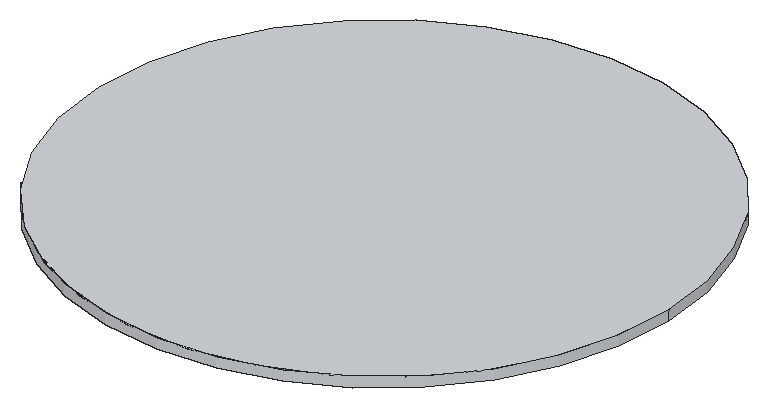
Revit family "CITY", category Lighting Fixtures, host Face, Revit 2023 (continued)
Types (10, lengths in mm): name | Radio | Photometric Web File | built-in parameter 1150142 | Manufacturer | LuxLight_Watios | LuxLight_Temperatura | LuxLight_Lumenes
  LISUP2084 | 1042 | "LISUP208401 .ies" | "IESNA:LM-63-2002\r\n[TEST] Viso  - serial: n/a sensor serial: n/a\r\n[TESTLAB] Viso  - serial: n/a sensor serial: n/a - Test lab\r\n[MANUFAC] LUX LIGHT\r\n[ISSUEDATE] 12/9/2025\r\n[LUMINAIRE] CITY ROUND 4000K 20W Ø220x55mm\r\n[LUMCAT] N/A\r\nTILT=NONE\r\n1 1600 1 181 17 1 2 -0.215 -0.215 0\r\n1.0 1.0 20.00\r\n0 1 2 3 4 5 6 7 8 9 10 11 12 13 14 15 16 17 18 19 20 21 22 23 24 25 26 27 28 29 30 31 32 33 34 35 36 37 38 39 40 41 42 43 44 45 46 47 48 49 50 51 52 53 54 55 56 57 58 59 60 61 62 63 64 65 66 67 68 69 70 71 72 73 74 75 76 77 78 79 80\r\n 81 82 83 84 85 86 87 88 89 90 91 92 93 94 95 96 97 98 99 100 101 102 103 104 105 106 107 108 109 110 111 112 113 114 115 116 117 118 119 120 121 122 123 124 125 126 127 128 129 130 131 132 133 134 135 136 137 138 139 140 141 142 143\r\n 144 145 146 147 148 149 150 151 152 153 154 155 156 157 158 159 160 161 162 163 164 165 166 167 168 169 170 171 172 173 174 175 176 177 178 179 180\r\n0 22.5 45 67.5 90 112.5 135 157.5 180 202.5 225 247.5 270 292.5 315 337.5 360 \r\n581.682983 580.476807 580.028809 579.372742 578.572632 577.692566 576.332336 575.036255 573.084045 571.29187 569.355652 567.0354 564.523132 562.07489 559.098572 556.154297 552.713928 549.385559 545.929199 541.848755 537.992371 533.895935\r\n 529.367493 524.870972 520.022522 515.366028 510.341461 504.884888 499.60434 494.019745 488.115143 482.242523 475.905853 469.921234 463.680573 456.911896 450.191193 443.646484 436.077698 428.924957 421.324158 413.867371 406.522614\r\n 398.233704 390.216888 382.440063 373.847198 365.526306 356.709381 348.05246 339.571594 329.922577 321.329651 311.376617 302.703705 293.358734 283.549683 274.476746 264.779755 254.154633 244.777649 234.504562 224.599533 214.598495\r\n 204.197388 193.972321 184.307312 173.634186 163.777161 152.527969 142.574936 132.013824 120.940674 110.23555 99.898468 88.153236 77.928162 66.230942 56.101879 46.292847 35.315701 26.162741 17.393822 9.649011 5.24855 3.712389 2.752289\r\n 2.00021 1.520159 1.296136 1.216127 1.136119 1.152121 1.184124 1.248131 1.296136 1.328139 1.376144 1.440151 1.536161 1.472154 1.552163 1.632171 1.648173 1.760184 1.872196 1.936203 2.032213 2.176228 2.272238 2.336245 2.368248 2.432255\r\n 2.448256 2.496262 2.528265 2.656278 2.624275 2.704283 2.816295 2.848299 2.912305 2.976312 2.992314 3.05632 3.15233 3.15233 3.24834 3.312347 3.328349 3.376354 3.424359 3.472364 3.584376 3.63238 3.664384 3.72839 3.792397 3.824401 3.904409\r\n 3.968416 4.032423 4.128432 4.144434 4.208441 4.240444 4.320453 4.304451 4.384459 4.384459 4.448466 4.432465 4.512473 4.544477 4.624485 4.67249 4.720494 4.608483 4.640486 4.624485 4.67249 4.688491 4.752498 4.752498 4.800503 4.832506\r\n 4.848508 4.86451 4.944518 4.96052 5.008525 5.008525 5.024527 5.008525 5.05653 5.024527 5.05653 5.008525 5.05653 5.024527 5.128537\r\n581.682983 580.812866 580.348816 579.644714 578.812683 577.676575 576.332336 574.860229 573.036072 571.147827 569.147644 566.651367 564.187073 561.674866 558.474548 555.434143 551.897827 548.297424 544.825073 540.728638 536.72821 532.599792\r\n 527.943298 523.334839 518.27832 513.525818 508.485291 502.900696 497.396118 492.035553 485.938904 480.066284 473.393585 467.344971 461.152313 453.999573 447.230835 440.686188 432.893341 425.868622 418.171814 410.603027 403.162231\r\n 394.297333 386.520508 378.391632 369.702728 361.6539 352.276886 343.556 335.107117 325.314087 316.737183 306.688141 297.743195 288.846283 278.477173 269.356232 259.65918 249.370117 239.913132 229.160019 219.60701 209.557953 199.092865\r\n 188.851791 179.122772 167.873596 158.000549 147.183426 136.926346 126.573257 115.580109 105.563065 95.033958 84.024803 73.415688 62.582558 52.837536 42.868488 32.755432 23.634476 15.489623 7.856823 4.608483 3.264342 2.400252 1.696178\r\n 1.312137 1.184124 1.152121 1.104116 1.152121 1.152121 1.280134 1.248131 1.312137 1.376144 1.392146 1.440151 1.520159 1.568164 1.616169 1.648173 1.744183 1.936203 2.00021 2.09622 2.176228 2.240235 2.272238 2.240235 2.240235 2.400252\r\n 2.608273 2.608273 2.736287 2.736287 2.832297 2.896303 2.912305 3.024317 3.072322 3.168332 3.232339 3.264342 3.328349 3.376354 3.472364 3.504367 3.584376 3.584376 3.664384 3.744392 3.776396 3.808399 3.936413 3.984417 4.064426 4.048424\r\n 4.128432 4.176438 4.192439 4.240444 4.304451 4.352456 4.384459 4.448466 4.464468 4.560478 4.560478 4.592481 4.624485 4.67249 4.688491 4.720494 4.800503 4.848508 4.848508 4.912515 4.880511 4.928516 4.992523 4.96052 5.008525 5.05653\r\n 4.992523 4.96052 4.96052 5.05653 5.104535 5.120536 5.088533 5.184543 5.184543 5.184543 5.168542 5.184543 5.232548 5.264552 5.128537\r\n581.682983 581.356934 580.892822 580.140808 579.180664 577.964539 576.58844 574.972229 573.260071 571.259888 569.179626 566.635376 564.203125 561.49884 558.37854 555.066162 551.497803 548.089417 544.537048 540.136597 536.24823 531.991699\r\n 527.255249 522.566772 517.542175 512.389709 507.55719 501.956573 496.355988 490.691437 484.51474 478.386108 471.921448 465.584778 459.26413 451.999359 445.422668 438.445923 430.973175 423.564362 415.675537 408.346771 400.537964 391.929077\r\n 384.312256 375.959412 366.838409 358.581573 349.188599 340.771698 332.25882 322.321777 313.584869 303.551788 294.526855 285.117889 275.1008 265.355804 256.074829 245.721741 235.880722 225.479614 215.318558 205.701538 194.612381 184.851364\r\n 174.578293 163.825165 153.792114 142.542938 132.205856 122.332817 111.451683 101.114594 91.081543 79.720352 69.911324 59.238205 49.221157 39.892181 29.683111 21.218224 13.345398 7.104744 4.304451 3.05632 2.176228 1.632171 1.312137\r\n 1.184124 1.200126 1.184124 1.216127 1.280134 1.312137 1.360142 1.392146 1.424149 1.520159 1.648173 1.568164 1.648173 1.760184 1.856194 2.00021 2.112221 2.19223 2.19223 2.272238 2.352247 2.416253 2.512263 2.496262 2.448256 2.448256\r\n 2.512263 2.57627 2.608273 2.624275 2.688282 2.752289 2.848299 2.912305 2.928307 3.05632 3.072322 3.168332 3.168332 3.296345 3.328349 3.24834 3.344351 3.392355 3.504367 3.648382 3.792397 3.856404 3.888407 3.984417 4.048424 4.048424\r\n 4.096429 4.144434 4.240444 4.288449 4.352456 4.448466 4.464468 4.512473 4.544477 4.560478 4.608483 4.640486 4.67249 4.720494 4.752498 4.720494 4.720494 4.720494 4.800503 4.848508 5.008525 4.992523 5.024527 5.104535 5.15254 5.15254\r\n 5.15254 5.15254 5.15254 5.120536 5.120536 5.120536 5.120536 5.15254 5.120536 5.15254 5.168542 5.184543 5.168542 5.128537\r\n581.682983 581.677002 581.276917 580.524841 579.548706 578.412598 576.892395 575.468323 573.580139 571.691895 569.499695 566.971375 564.411133 561.706848 558.522522 555.258179 551.785828 548.137451 544.489075 540.392639 536.360229\r\n 532.295776 527.431213 522.630737 517.302185 512.565735 507.365173 501.556549 495.891968 490.467377 483.970734 478.146118 471.265381 465.120728 458.704071 451.759338 444.654602 437.693878 430.061066 423.020325 414.779449 407.306671\r\n 399.865906 390.792969 382.984131 374.727264 365.878326 357.301453 348.164459 339.267548 330.610626 320.689606 311.872681 301.711609 292.702667 283.661713 273.436646 263.147552 253.626587 243.06546 232.968414 222.375305 212.054214\r\n 202.101181 190.643967 180.674942 170.577866 158.976669 148.911591 137.758438 127.309334 116.796234 105.963104 96.234085 86.073021 75.527908 65.654884 55.557819 46.50087 37.235901 27.826916 19.602055 11.969254 5.488575 3.808399 2.752289\r\n 2.016211 1.520159 1.312137 1.280134 1.312137 1.328139 1.328139 1.328139 1.424149 1.440151 1.536161 1.600168 1.632171 1.680176 1.760184 1.808189 1.936203 2.112221 2.112221 2.19223 2.208231 2.400252 2.368248 2.448256 2.448256 2.512263\r\n 2.528265 2.624275 2.67228 2.688282 2.736287 2.656278 2.752289 2.76829 2.848299 2.928307 2.992314 3.072322 3.120327 3.184334 3.232339 3.296345 3.328349 3.424359 3.456362 3.504367 3.616379 3.63238 3.744392 3.808399 3.888407 3.968416\r\n 4.096429 4.128432 4.288449 4.352456 4.464468 4.544477 4.608483 4.640486 4.624485 4.67249 4.704493 4.784501 4.832506 4.86451 4.880511 4.912515 4.928516 4.992523 4.992523 5.008525 5.088533 5.120536 5.15254 5.168542 5.168542 5.168542\r\n 5.200545 5.168542 5.200545 5.264552 5.24855 5.264552 5.200545 5.15254 5.200545 5.200545 5.184543 5.184543 5.200545 5.200545 5.232548 5.24855 5.128537\r\n581.682983 584.813293 584.269226 583.453186 582.477051 581.196899 579.70874 578.220581 575.932373 574.092102 571.86792 569.195618 566.555359 563.835083 560.490723 557.370422 553.641968 550.0896 546.297241 541.78479 537.752319 533.431885\r\n 528.551331 523.830872 518.598328 513.365784 508.389252 502.244598 496.852051 490.931427 484.754791 478.530151 471.71344 465.168732 458.816071 451.263275 444.542572 437.405823 429.356995 422.156219 413.803375 406.282562 398.601746\r\n 389.768829 381.912018 372.48703 363.862122 355.349243 345.332184 336.227203 326.802246 316.721161 307.536224 296.799103 287.374115 276.845001 266.283905 256.074829 245.913773 235.000626 225.047577 213.446365 203.237305 192.58017 181.459015\r\n 170.801895 160.080765 148.543564 138.174484 126.845291 116.060158 105.787086 94.137863 83.592758 73.639717 62.470547 52.757526 43.04451 34.051567 25.986721 18.03389 11.329187 5.888617 3.456362 2.432255 1.696178 1.216127 1.056111 1.120117\r\n 1.216127 1.216127 1.248131 1.248131 1.120117 1.120117 1.136119 1.200126 1.248131 1.280134 1.376144 1.520159 1.616169 1.680176 1.712179 1.808189 1.856194 1.920201 1.968206 2.032213 2.112221 2.160226 2.19223 2.256237 2.272238 2.368248\r\n 2.416253 2.48026 2.496262 2.528265 2.624275 2.704283 2.76829 2.832297 2.848299 2.944309 3.008315 3.088324 3.15233 3.216337 3.264342 3.344351 3.392355 3.376354 3.472364 3.568374 3.584376 3.648382 3.72839 3.824401 3.888407 3.936413\r\n 4.032423 4.112431 4.144434 4.176438 4.240444 4.304451 4.288449 4.320453 4.384459 4.400461 4.448466 4.528474 4.512473 4.560478 4.608483 4.67249 4.688491 4.704493 4.752498 4.784501 4.752498 4.800503 4.800503 4.832506 4.86451 4.880511\r\n 4.880511 4.848508 4.880511 4.848508 4.880511 4.912515 4.86451 4.86451 4.912515 4.928516 4.928516 4.96052 4.944518 5.128537\r\n581.682983 581.308899 580.764832 580.028809 579.180664 578.012573 576.444397 574.972229 573.180054 571.083801 568.87561 566.475342 563.835083 561.194763 558.010498 554.794128 551.225769 547.625366 544.088989 539.832581 535.78418 531.511658\r\n 526.759155 522.022705 516.806152 512.149658 506.805115 501.204529 495.539917 490.035339 483.666687 477.522003 471.02536 464.80072 458.175995 450.879242 444.126526 437.02179 429.388977 421.996216 414.0914 406.202576 398.793793 389.832825\r\n 381.928009 372.615021 364.102142 355.285217 345.556183 336.275238 327.266296 316.881195 307.648224 297.167114 287.342133 277.709076 266.795959 257.162933 246.873871 236.008728 225.591629 214.070435 203.98938 193.44426 182.291107 171.569977\r\n 160.912857 149.727692 139.374603 127.629372 117.372299 106.683174 95.177971 85.064911 74.71183 63.942699 53.941654 43.364544 34.3876 25.986721 17.809866 11.505205 5.840612 3.456362 2.57627 1.808189 1.376144 1.104116 1.104116 1.136119\r\n 1.184124 1.200126 1.184124 1.136119 1.200126 1.248131 1.280134 1.360142 1.440151 1.536161 1.568164 1.648173 1.712179 1.744183 1.792188 1.840193 1.888198 1.968206 2.016211 2.09622 2.128223 2.208231 2.272238 2.352247 2.416253 2.48026\r\n 2.512263 2.57627 2.656278 2.704283 2.76829 2.832297 2.944309 3.024317 3.024317 3.088324 3.15233 3.15233 3.24834 3.312347 3.392355 3.456362 3.504367 3.552372 3.584376 3.648382 3.72839 3.824401 3.888407 3.936413 4.000419 4.064426 4.128432\r\n 4.176438 4.208441 4.304451 4.320453 4.400461 4.464468 4.512473 4.528474 4.608483 4.608483 4.640486 4.688491 4.704493 4.704493 4.784501 4.784501 4.784501 4.784501 4.832506 4.800503 4.752498 4.800503 4.848508 4.848508 4.86451 4.912515\r\n 4.928516 4.944518 4.96052 4.96052 5.008525 4.944518 5.024527 5.104535 5.05653 5.008525 5.008525 5.128537\r\n581.682983 580.316772 579.948792 579.24469 578.332581 577.29248 576.01239 574.652161 572.619995 570.987793 568.811584 566.299316 563.835083 561.354858 558.202454 555.370178 551.785828 548.345459 544.937073 540.744629 536.904297 532.711792\r\n 527.911316 523.334839 518.310303 513.413757 508.661285 502.692688 497.492126 491.795502 485.442871 479.826263 473.089569 467.072937 460.512238 453.551514 446.734802 439.966125 432.669312 425.132568 417.003693 409.658905 402.250153\r\n 393.481232 385.720398 376.615448 368.278564 360.03772 350.548737 341.49176 332.226807 322.321777 312.912781 302.895752 293.038696 283.149658 272.716553 262.683533 252.954498 241.737335 231.76828 220.343094 210.374054 199.84494 188.707779\r\n 177.970642 167.297531 155.632309 145.279236 133.902023 123.132904 112.347771 101.162598 90.441475 79.864372 68.727203 58.518131 48.085041 39.156101 30.547201 22.178324 15.297603 9.088953 4.208441 2.944309 2.112221 1.552163 1.216127\r\n 1.104116 1.104116 1.120117 1.136119 1.152121 1.136119 1.184124 1.184124 1.296136 1.392146 1.456153 1.520159 1.600168 1.600168 1.696178 1.696178 1.744183 1.808189 1.856194 1.920201 2.00021 2.080218 2.112221 2.19223 2.240235 2.28824\r\n 2.400252 2.416253 2.560268 2.57627 2.656278 2.704283 2.76829 2.832297 2.912305 2.944309 2.928307 3.088324 3.184334 3.232339 3.264342 3.376354 3.392355 3.472364 3.504367 3.616379 3.616379 3.712389 3.712389 3.776396 3.872406 3.904409\r\n 4.032423 4.096429 4.112431 4.112431 4.112431 4.176438 4.192439 4.272448 4.288449 4.304451 4.368458 4.432465 4.528474 4.608483 4.640486 4.704493 4.704493 4.752498 4.704493 4.752498 4.800503 4.86451 4.880511 4.928516 4.880511 4.880511\r\n 4.944518 4.928516 4.928516 4.944518 4.944518 4.992523 4.992523 4.96052 5.05653 5.104535 5.024527 5.024527 5.104535 5.05653 5.128537\r\n581.682983 580.124817 579.868713 579.308655 578.620605 577.484497 576.332336 574.924255 573.260071 571.53186 569.643677 567.275452 564.907227 562.474976 559.578674 556.586304 553.226013 549.785645 546.345276 542.264832 538.552368 534.471985\r\n 529.943542 525.383057 520.566589 515.942078 510.933533 505.444946 499.972412 494.483826 488.515167 482.674561 476.081909 470.049255 463.632599 456.62384 450.127136 443.262451 435.581635 428.780914 420.652069 413.307312 405.610504\r\n 397.417633 389.65683 380.663879 372.326996 364.166138 354.821167 346.132263 337.21933 327.65033 318.593384 308.800354 299.407379 289.85437 279.885315 270.172333 260.69931 249.80217 240.265182 229.143997 219.414993 209.029892 197.732727\r\n 187.747665 177.282578 165.777359 155.568298 144.223099 133.34198 122.332817 110.779602 100.346512 89.433372 78.088181 67.367058 56.357906 46.148838 36.339806 26.722799 18.289917 11.36119 5.168542 3.488365 2.416253 1.760184 1.312137\r\n 1.136119 1.056111 1.008106 1.040109 1.072112 1.072112 1.136119 1.216127 1.312137 1.424149 1.440151 1.472154 1.552163 1.552163 1.600168 1.648173 1.744183 1.808189 1.872196 1.888198 1.968206 1.968206 2.032213 2.19223 2.240235 2.272238\r\n 2.400252 2.432255 2.528265 2.624275 2.624275 2.736287 2.76829 2.800293 2.848299 2.912305 2.976312 3.088324 3.168332 3.216337 3.264342 3.328349 3.344351 3.456362 3.488365 3.584376 3.568374 3.72839 3.744392 3.856404 3.904409 3.872406\r\n 4.000419 4.048424 4.096429 4.176438 4.208441 4.288449 4.320453 4.352456 4.400461 4.400461 4.464468 4.432465 4.384459 4.432465 4.432465 4.512473 4.560478 4.560478 4.624485 4.640486 4.624485 4.688491 4.720494 4.752498 4.800503 4.800503\r\n 4.832506 4.86451 4.912515 4.944518 4.992523 4.96052 4.992523 5.088533 5.05653 5.05653 5.008525 5.088533 5.104535 5.168542 5.128537\r\n581.682983 580.556824 580.316772 579.836731 579.196655 578.252625 577.244507 575.676331 574.28418 572.507996 570.635803 568.331543 566.139343 563.67511 560.762756 557.866455 554.570129 551.529785 548.00946 543.945007 540.18457 536.424194\r\n 531.895752 527.511292 522.534729 517.958252 512.98175 507.589203 502.324646 497.140106 490.915436 485.026825 478.850159 472.801544 466.512878 459.712158 453.119476 446.302765 438.829987 431.83725 424.076447 416.571655 409.194885 400.697998\r\n 393.145203 384.344269 376.391418 367.974548 358.677582 349.924652 341.075745 331.762756 322.657806 312.992798 303.599792 294.590851 284.269775 274.716766 264.907745 254.634674 245.01767 234.040527
